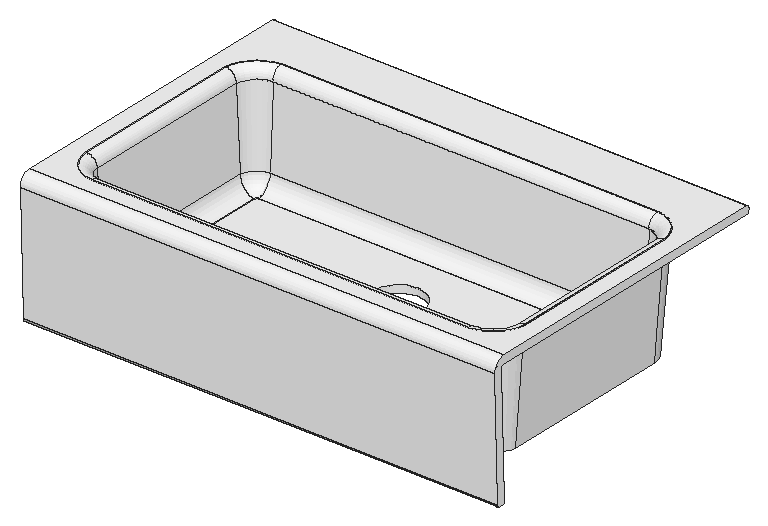
Revit family "Deca_Cuba de Embutir para Cozinha_Cubas de Cozinha_L.1671", category Plumbing Fixtures, host Face, Revit 2019
Family settings
  Host = Face
  Round Connector Dimension = Use Radius
  Part Type = Normal
  Cut with Voids When Loaded = No
  Shared = No
  Room Calculation Point = No
Parameters (values of type "L.1671.17_Branco")
  Vazão na Pressão mín. (L/min) = "-"
  Vazão na Pressão máx. (L/min) = "-"
  URL = "www.deca.com.br"
  Tipo de rosca de saída = "-"
  Tipo de rosca de entrada = "-"
  Tipo de mecanismo utilizado = "-"
  Tipo de dispositivo economizador = "-"
  Segmento = "Cozinha Luxo"
  Saída de Esgoto = "Válvula Curta"
  Raio Ponto de Esgoto = 0.0125 m  # constant formula
  Pressão mín. funcionamento = "-"
  Pressão mín. Aquec. Passagem = "-"
  Pressão mín. Aquec. Acúmulo = "-"
  Pressão máx. funcionamento = "-"
  Peso Líquido (Kg) = 77
  Norma = "NBR-16728-1;NBR-16728-2"
  Model = "L.1671.17"
  Material = Deca_Branco
  Manufacturer = "Deca"
  Linha = "Cubas de Cozinha"
  Itens de Instalação = "1622.C; 1680.C.112; 1682.C.112"
  Informações Complementares = "-"
  Diâmetro Ponto de Esgoto = 2 * Raio Ponto de Esgoto  # 0.025 m
  Description = "Cuba de Embutir  para Cozinha"
  Default Elevation = 0.00 m
  Deslocamento vertical da Cuba [instance] = 0.02 m
  Código Pai = "L.1671"
  Criado por = "quattroD"
  Cores Componente = "Não Possui"
  Cor Secundária = "-"
  Cor Principal = "Branco"
  Cor Interna = "-"
  Consumo = "-"
  Composição Componente = "Não Possui"
  Composição Básica = "Ferro Fundido"
  Composição Assento = "-"
  Composição Anel Vedação = "-"
  Categoria = "Cubas de cozinha"
  Atendimento ao Cliente = "0800-0117073"
  Aprovado por = "quattroD"
  Acompanha o Produto = "-"
Reference planes (m)
  plane 1 "Center (Front/Back)": y = 0
  plane 2: z = 0
  plane 3 "Center (Left/Right)": x = 0
  plane 4: y = -0.289311
  plane 5: z = -0.02
  plane 6: z = 0.013
Forms (m)
  Extrusion 1, void
    sketch origin (0, 0, 0) x (1, 0, 0) y (0, 1, 0)
      loop
        line (-0.388, -0.289311) -> (0.388, -0.289311) -> (0.388, 0.114689)
        arc (0.388, 0.114689) -> (0.373355, 0.150044) -> (0.338, 0.164689) r 0.05
        line (0.338, 0.164689) -> (-0.338, 0.164689)
        arc (-0.338, 0.164689) -> (-0.373355, 0.150044) -> (-0.388, 0.114689) r 0.05
        line (-0.388, 0.114689) -> (-0.388, -0.289311)
    from -0.245 to 0
  Extrusion 2, solid, material "Deca_Branco" <- "Material"
    sketch origin (0, 0, 0) x (0, 1, 0) y (0, 0, 1)
      loop
        line (-0.289311, -0.033) -> (0.25, -0.033) -> (0.25, -0.022999)
        arc (0.25, -0.022999) -> (0.249122, -0.020878) -> (0.247001, -0.02) r 0.002999
        line (0.247001, -0.02) -> (-0.289288, -0.02)
        arc (-0.289288, -0.02) -> (-0.303674, -0.026101) -> (-0.309272, -0.04069) r 0.019987
        line (-0.309272, -0.04069) -> (-0.301895, -0.252104)
        arc (-0.301895, -0.252104) -> (-0.301006, -0.254121) -> (-0.298977, -0.255) r 0.003
        line (-0.298977, -0.255) -> (-0.288786, -0.255) -> (-0.296285, -0.040244)
        arc (-0.296285, -0.040244) -> (-0.29433, -0.035135) -> (-0.289311, -0.033) r 0.006966
    from -0.419 to 0.419
  Blend 3, void
    base sketch origin (0, 0, 0) x (1, 0, 0) y (0, 1, 0)
      loop
        line (-0.371639, 0.142657) -> (-0.371639, -0.242621) -> (0.371639, -0.242621) -> (0.371639, 0.142657) -> (-0.371639, 0.142657)
    top sketch origin (0, 0, 0) x (1, 0, 0) y (0, 1, 0)
      loop
        arc (0.387906, 0.105193) -> (0.369938, 0.141951) -> (0.332799, 0.159116) r 0.061065
        line (0.332799, 0.159116) -> (-0.332257, 0.159116)
        arc (-0.332257, 0.159116) -> (-0.370162, 0.141751) -> (-0.388089, 0.104108) r 0.061065
        line (-0.388089, 0.104108) -> (-0.388089, -0.204091)
        arc (-0.388089, -0.204091) -> (-0.370651, -0.241247) -> (-0.333631, -0.258971) r 0.061065
        line (-0.333631, -0.258971) -> (0.333402, -0.258971)
        arc (0.333402, -0.258971) -> (0.370025, -0.241827) -> (0.387906, -0.205557) r 0.061065
        line (0.387906, -0.205557) -> (0.387906, 0.105193)
    from -0.220724 to -0.02
  Extrusion 4, solid, material "Deca_Branco" <- "Material"
    sketch origin (0, 0, 0) x (1, 0, 0) y (0, 1, 0)
      loop
        line (-0.328978, -0.204967) -> (0.328795, -0.204967)
        arc (0.328795, -0.204967) -> (0.332004, -0.203209) -> (0.333902, -0.200081) r 0.007061
        line (0.333902, -0.200081) -> (0.333902, 0.100225)
        arc (0.333902, 0.100225) -> (0.332004, 0.103353) -> (0.328795, 0.105111) r 0.007061
        line (0.328795, 0.105111) -> (-0.328978, 0.105111)
        arc (-0.328978, 0.105111) -> (-0.332187, 0.103353) -> (-0.334084, 0.100225) r 0.007061
        line (-0.334084, 0.100225) -> (-0.334084, -0.200081)
        arc (-0.334084, -0.200081) -> (-0.332187, -0.203209) -> (-0.328978, -0.204967) r 0.007061
    from -0.220724 to -0.207961
  Extrusion 5, void
    sketch origin (0, 0, 0) x (1, 0, 0) y (0, 1, 0)
      loop
        circle (-0.000137, 0.000019) r 0.045
    from -0.220724 to -0.207961
  Extrusion 6, solid, material "Deca_Branco" <- "Material", not visible
    sketch origin (0, 0, 0.033) x (0, 1, 0) y (0, 0, 1)
      loop
        line (-0.289311, -0.033) -> (0.25, -0.033) -> (0.25, -0.022999)
        arc (0.25, -0.022999) -> (0.249122, -0.020878) -> (0.247001, -0.02) r 0.002999
        line (0.247001, -0.02) -> (-0.289288, -0.02)
        arc (-0.289288, -0.02) -> (-0.303674, -0.026101) -> (-0.309272, -0.04069) r 0.019987
        line (-0.309272, -0.04069) -> (-0.301895, -0.252104)
        arc (-0.301895, -0.252104) -> (-0.301006, -0.254121) -> (-0.298977, -0.255) r 0.003
        line (-0.298977, -0.255) -> (-0.288786, -0.255) -> (-0.296285, -0.040244)
        arc (-0.296285, -0.040244) -> (-0.29433, -0.035135) -> (-0.289311, -0.033) r 0.006966
    from -0.419 to 0.419
  Blend 7, void, not visible
    base sketch origin (0, 0, 0.033) x (1, 0, 0) y (0, 1, 0)
      loop
        line (-0.371639, 0.142657) -> (-0.371639, -0.242621) -> (0.371639, -0.242621) -> (0.371639, 0.142657) -> (-0.371639, 0.142657)
    top sketch origin (0, 0, 0.033) x (1, 0, 0) y (0, 1, 0)
      loop
        arc (0.387906, 0.105193) -> (0.369938, 0.141951) -> (0.332799, 0.159116) r 0.061065
        line (0.332799, 0.159116) -> (-0.332257, 0.159116)
        arc (-0.332257, 0.159116) -> (-0.370162, 0.141751) -> (-0.388089, 0.104108) r 0.061065
        line (-0.388089, 0.104108) -> (-0.388089, -0.204091)
        arc (-0.388089, -0.204091) -> (-0.370651, -0.241247) -> (-0.333631, -0.258971) r 0.061065
        line (-0.333631, -0.258971) -> (0.333402, -0.258971)
        arc (0.333402, -0.258971) -> (0.370025, -0.241827) -> (0.387906, -0.205557) r 0.061065
        line (0.387906, -0.205557) -> (0.387906, 0.105193)
    from -0.220724 to -0.02
  Extrusion 8, solid, material "Deca_Branco" <- "Material", not visible
    sketch origin (0, 0, 0.033) x (1, 0, 0) y (0, 1, 0)
      loop
        line (-0.328978, -0.204967) -> (0.328795, -0.204967)
        arc (0.328795, -0.204967) -> (0.332004, -0.203209) -> (0.333902, -0.200081) r 0.007061
        line (0.333902, -0.200081) -> (0.333902, 0.100225)
        arc (0.333902, 0.100225) -> (0.332004, 0.103353) -> (0.328795, 0.105111) r 0.007061
        line (0.328795, 0.105111) -> (-0.328978, 0.105111)
        arc (-0.328978, 0.105111) -> (-0.332187, 0.103353) -> (-0.334084, 0.100225) r 0.007061
        line (-0.334084, 0.100225) -> (-0.334084, -0.200081)
        arc (-0.334084, -0.200081) -> (-0.332187, -0.203209) -> (-0.328978, -0.204967) r 0.007061
    from -0.220724 to -0.207961
  Extrusion 9, void, not visible
    sketch origin (0, 0, 0.033) x (1, 0, 0) y (0, 1, 0)
      loop
        circle (-0.000137, 0.000019) r 0.045
    from -0.220724 to -0.207961
  Sweep 10, solid, material "Deca_Branco" <- "Material"
    path origin (0, 0, 0) x (1, 0, 0) y (0, 1, 0)
      loop
        line (-0.387023, 0.104057) -> (-0.387023, -0.204039)
        arc (-0.387023, -0.204039) -> (-0.369531, -0.24086) -> (-0.332548, -0.258005) r 0.06
        line (-0.332548, -0.258005) -> (0.332278, -0.258005)
        arc (0.332278, -0.258005) -> (0.369414, -0.240934) -> (0.387, -0.204039) r 0.06
        line (0.387, -0.204039) -> (0.387, 0.103555)
        arc (0.387, 0.103555) -> (0.369857, 0.14053) -> (0.333046, 0.158022) r 0.06
        line (0.333046, 0.158022) -> (-0.332544, 0.158022)
        arc (-0.332544, 0.158022) -> (-0.36953, 0.140878) -> (-0.387023, 0.104057) r 0.06
    profile origin (-0.387023, -0.049991, 0) x (1, 0, 0) y (0, 0, 1)
      loop
        line (0.015284, -0.220724) -> (0.052939, -0.220724) -> (0.052939, -0.207961)
        arc (0.052939, -0.207961) -> (0.034427, -0.198807) -> (0.026282, -0.179829) r 0.029863
        line (0.026282, -0.179829) -> (0.018899, -0.038953)
        arc (0.018899, -0.038953) -> (0.012697, -0.025495) -> (-0.001065, -0.02) r 0.02
        line (-0.001065, -0.02) -> (0.015284, -0.220724)
  Sweep 11, solid, material "Deca_Branco" <- "Material", not visible
    path origin (0, 0, 0.033) x (1, 0, 0) y (0, 1, 0)
      loop
        line (-0.387023, 0.104057) -> (-0.387023, -0.204039)
        arc (-0.387023, -0.204039) -> (-0.369531, -0.24086) -> (-0.332548, -0.258005) r 0.06
        line (-0.332548, -0.258005) -> (0.332278, -0.258005)
        arc (0.332278, -0.258005) -> (0.369414, -0.240934) -> (0.387, -0.204039) r 0.06
        line (0.387, -0.204039) -> (0.387, 0.103555)
        arc (0.387, 0.103555) -> (0.369857, 0.14053) -> (0.333046, 0.158022) r 0.06
        line (0.333046, 0.158022) -> (-0.332544, 0.158022)
        arc (-0.332544, 0.158022) -> (-0.36953, 0.140878) -> (-0.387023, 0.104057) r 0.06
    profile origin (-0.387023, -0.049991, 0.033) x (1, 0, 0) y (0, 0, 1)
      loop
        line (0.015284, -0.220724) -> (0.052939, -0.220724) -> (0.052939, -0.207961)
        arc (0.052939, -0.207961) -> (0.034427, -0.198807) -> (0.026282, -0.179829) r 0.029863
        line (0.026282, -0.179829) -> (0.018899, -0.038953)
        arc (0.018899, -0.038953) -> (0.012697, -0.025495) -> (-0.001065, -0.02) r 0.02
        line (-0.001065, -0.02) -> (0.015284, -0.220724)
Cuts and joins
  Blend 3 cuts Extrusion 2
  Extrusion 5 cuts Extrusion 4
Lines and regions (m)
  Masking region 1
    outline origin (0, 0, 0) x (1, 0, 0) y (0, 1, 0)
      loop
        arc (0.419, 0.247001) -> (0.418128, 0.249128) -> (0.416001, 0.25) r 0.002976
        line (0.416001, 0.25) -> (-0.416001, 0.25)
        arc (-0.416001, 0.25) -> (-0.418101, 0.249101) -> (-0.419, 0.247001) r 0.003074
        line (-0.419, 0.247001) -> (-0.419, -0.296837)
        arc (-0.419, -0.296837) -> (-0.415143, -0.305501) -> (-0.406441, -0.309272) r 0.013063
        line (-0.406441, -0.309272) -> (0.406, -0.309272)
        arc (0.406, -0.309272) -> (0.415033, -0.30562) -> (0.419, -0.296713) r 0.012986
        line (0.419, -0.296713) -> (0.419, 0.247001)
  Masking region 2
    outline origin (0, 0, -0.033) x (0, 1, 0) y (0, 0, 1)
      loop
        line (0.25, 0) -> (0.25, 0.010001)
        arc (0.25, 0.010001) -> (0.249122, 0.012122) -> (0.247001, 0.013) r 0.002999
        line (0.247001, 0.013) -> (-0.289288, 0.013)
        arc (-0.289288, 0.013) -> (-0.303674, 0.006899) -> (-0.309272, -0.007691) r 0.019987
        line (-0.309272, -0.007691) -> (-0.301882, -0.219091)
        arc (-0.301882, -0.219091) -> (-0.300972, -0.221154) -> (-0.298883, -0.222001) r 0.003
        line (-0.298883, -0.222001) -> (-0.288777, -0.222001) -> (-0.296272, -0.007232)
        arc (-0.296272, -0.007232) -> (-0.29433, -0.002135) -> (-0.289311, 0) r 0.006966
        line (-0.289311, 0) -> (0.25, 0)
  Masking region 3, not visible
    outline origin (0, 0, 0) x (0, 1, 0) y (0, 0, 1)
      loop
        line (0.25, 0) -> (0.25, 0.010001)
        arc (0.25, 0.010001) -> (0.249122, 0.012122) -> (0.247001, 0.013) r 0.002999
        line (0.247001, 0.013) -> (-0.289288, 0.013)
        arc (-0.289288, 0.013) -> (-0.303674, 0.006899) -> (-0.309272, -0.007691) r 0.019987
        line (-0.309272, -0.007691) -> (-0.301882, -0.219091)
        arc (-0.301882, -0.219091) -> (-0.300972, -0.221154) -> (-0.298883, -0.222001) r 0.003
        line (-0.298883, -0.222001) -> (-0.288777, -0.222001) -> (-0.296272, -0.007232)
        arc (-0.296272, -0.007232) -> (-0.29433, -0.002135) -> (-0.289311, 0) r 0.006966
        line (-0.289311, 0) -> (0.25, 0)
  Masking region 4
    outline origin (0, 0, 0.017) x (1, 0, 0) y (0, 0, 1)
      loop
        line (-0.419, -0.039997) -> (-0.419, -0.268984)
        arc (-0.419, -0.268984) -> (-0.418123, -0.27111) -> (-0.416001, -0.272) r 0.003016
        line (-0.416001, -0.272) -> (0.416001, -0.272)
        arc (0.416001, -0.272) -> (0.418123, -0.27111) -> (0.419, -0.268984) r 0.003016
        line (0.419, -0.268984) -> (0.419, -0.039997)
        arc (0.419, -0.039997) -> (0.418122, -0.037877) -> (0.416001, -0.036999) r 0.002999
        line (0.416001, -0.036999) -> (-0.416001, -0.036999)
        arc (-0.416001, -0.036999) -> (-0.418122, -0.037877) -> (-0.419, -0.039997) r 0.002999
  Masking region 5, not visible
    outline origin (0, 0, 0.05) x (1, 0, 0) y (0, 0, 1)
      loop
        line (-0.419, -0.039997) -> (-0.419, -0.268984)
        arc (-0.419, -0.268984) -> (-0.418123, -0.27111) -> (-0.416001, -0.272) r 0.003016
        line (-0.416001, -0.272) -> (0.416001, -0.272)
        arc (0.416001, -0.272) -> (0.418123, -0.27111) -> (0.419, -0.268984) r 0.003016
        line (0.419, -0.268984) -> (0.419, -0.039997)
        arc (0.419, -0.039997) -> (0.418122, -0.037877) -> (0.416001, -0.036999) r 0.002999
        line (0.416001, -0.036999) -> (-0.416001, -0.036999)
        arc (-0.416001, -0.036999) -> (-0.418122, -0.037877) -> (-0.419, -0.039997) r 0.002999
  symbolic lines
    curve 1: line (-0.325938, 0.130321, 0) -> (0.325938, 0.130321, 0)
    curve 2: arc (0.325938, 0.130321, 0) -> (0.348959, 0.120209, 0) -> (0.359293, 0.097287, 0) r 0.035066
    curve 3: line (0.359293, 0.097287, 0) -> (0.359293, -0.196878, 0)
    curve 4: arc (0.359293, -0.196878, 0) -> (0.349056, -0.220061, 0) -> (0.325867, -0.230286, 0) r 0.035054
    curve 5: line (0.325867, -0.230286, 0) -> (-0.325867, -0.230286, 0)
    curve 6: arc (-0.325867, -0.230286, 0) -> (-0.349056, -0.220061, 0) -> (-0.359293, -0.196878, 0) r 0.035054
    curve 7: line (-0.359293, -0.196878, 0) -> (-0.359293, 0.097287, 0)
    curve 8: arc (-0.359293, 0.097287, 0) -> (-0.348959, 0.120209, 0) -> (-0.325938, 0.130321, 0) r 0.035066
    curve 9: line (0.333046, 0.140005, 0) -> (-0.333046, 0.140005, 0)
    curve 10: arc (-0.333046, 0.140005, 0) -> (-0.35876, 0.129771, 0) -> (-0.368994, 0.104057, 0) r 0.034987
    curve 11: line (-0.368994, 0.104057, 0) -> (-0.368994, -0.204039, 0)
    curve 12: arc (-0.368994, -0.204039, 0) -> (-0.358758, -0.229751, 0) -> (-0.333046, -0.239987, 0) r 0.034993
    curve 13: line (-0.333046, -0.239987, 0) -> (0.333046, -0.239987, 0)
    curve 14: arc (0.333046, -0.239987, 0) -> (0.358758, -0.229751, 0) -> (0.368994, -0.204039, 0) r 0.034993
    curve 15: line (0.368994, -0.204039, 0) -> (0.368994, 0.104057, 0)
    curve 16: arc (0.368994, 0.104057, 0) -> (0.35876, 0.129771, 0) -> (0.333046, 0.140005, 0) r 0.034987
    curve 17: circle (-0.000137, 0.000019, 0) r 0.059994 normal (0, 0, 1)
    curve 18: circle (-0.000137, 0.000019, 0) r 0.045 normal (0, 0, 1)
    curve 86: line (-0.387023, 0.104057, 0) -> (-0.387023, -0.204039, 0)
    curve 87: arc (-0.387023, -0.204039, 0) -> (-0.371327, -0.242672, 0) -> (-0.332548, -0.258005, 0) r 0.053018
    curve 88: line (-0.332548, -0.258005, 0) -> (0.333046, -0.258005, 0)
    curve 89: arc (-0.332544, 0.158022, 0) -> (-0.371328, 0.142693, 0) -> (-0.387023, 0.104057, 0) r 0.053011
    curve 90: line (0.333046, 0.158022, 0) -> (-0.332544, 0.158022, 0)
    curve 91: arc (0.387, 0.103555, 0) -> (0.371675, 0.14233, 0) -> (0.333046, 0.158022, 0) r 0.052999
    curve 92: line (0.387, -0.204039, 0) -> (0.387, 0.103555, 0)
    curve 93: arc (0.332548, -0.257982, 0) -> (0.371311, -0.242656, 0) -> (0.387, -0.204039, 0) r 0.052995
  symbolic lines, style "PlumbingFixturesHiddenLines"
    curve 19: circle (-0.000007, 0.198005, 0) r 0.017502 normal (0, 0, 1)
    curve 20: line (0, -0.280433, -0.064168) -> (0, -0.275582, -0.203108)
    curve 21: line (0, -0.210319, -0.058999) -> (0, -0.275441, -0.058999)
    curve 22: arc (0, -0.275441, -0.058999) -> (0, -0.279034, -0.060524) -> (0, -0.280433, -0.064168) r 0.004995
    curve 23: arc (0, -0.275582, -0.203108) -> (0, -0.278519, -0.214152) -> (0, -0.2871, -0.221699) r 0.019667
    curve 24: arc (0, -0.2871, -0.221699) -> (0, -0.289048, -0.223372) -> (0, -0.289795, -0.225829) r 0.004597
    curve 25: arc (0, -0.169415, -0.039456) -> (0, -0.187652, -0.053862) -> (0, -0.210319, -0.058999) r 0.052577
    curve 26: line (0, -0.250976, -0.058999) -> (0, -0.24475, -0.177532)
    curve 27: arc (0, -0.24475, -0.177532) -> (0, -0.23323, -0.205852) -> (0, -0.20665, -0.220958) r 0.046653
    curve 28: line (0, -0.133943, -0.229443) -> (0, -0.20665, -0.220958)
    curve 29: line (0, -0.133925, -0.229443) -> (0, -0.080692, -0.235669)
    curve 30: line (0, -0.080692, -0.235669) -> (0, -0.066563, -0.23731)
    curve 31: arc (0, -0.066563, -0.23731) -> (0, -0.061582, -0.239354) -> (0, -0.058396, -0.243695) r 0.009949
    curve 32: arc (0, -0.058396, -0.243695) -> (0, -0.057664, -0.244638) -> (0, -0.056526, -0.245) r 0.002013
    curve 33: line (0, -0.197143, -0.217995) -> (0, 0.109948, -0.217642)
    curve 34: line (0, 0.056891, -0.238403) -> (0, -0.060495, -0.238015)
    curve 35: line (0, 0.151029, -0.057838) -> (0, 0.144405, -0.184246)
    curve 36: line (0, 0.113158, -0.223463) -> (0, 0.084231, -0.231648)
    curve 37: arc (0, 0.144405, -0.184246) -> (0, 0.135067, -0.208862) -> (0, 0.113158, -0.223463) r 0.043126
    curve 38: line (0, 0.084231, -0.231648) -> (0, 0.065146, -0.237045)
    curve 39: arc (0, 0.065146, -0.237045) -> (0, 0.060919, -0.239472) -> (0, 0.058337, -0.243607) r 0.010021
    curve 40: arc (0, 0.058337, -0.243607) -> (0, 0.05761, -0.244612) -> (0, 0.056432, -0.245) r 0.002012
    curve 41: line (0, 0.207702, -0.040002) -> (0, -0.167686, -0.040002)
    curve 42: arc (0, 0.210595, -0.037762) -> (0, 0.209532, -0.039377) -> (0, 0.207702, -0.040002) r 0.002988
    curve 43: line (0, 0.211089, -0.035963) -> (0, 0.210595, -0.037762)
    curve 44: arc (0, 0.21467, -0.033) -> (0, 0.212412, -0.033916) -> (0, 0.211089, -0.035963) r 0.004048
    curve 45: line (0, 0.224635, -0.033141) -> (0, 0.209806, -0.039136)
    curve 46: line (0, 0.151946, -0.062509) -> (0, 0.207685, -0.040002)
    curve 47: arc (0, 0.150692, -0.06426) -> (0, 0.151065, -0.063202) -> (0, 0.151946, -0.062509) r 0.002009
    curve 48: line (0, 0.144414, -0.060657) -> (0, 0.192868, -0.040002)
    curve 49: line (0, 0.142351, -0.060587) -> (0, 0.190593, -0.040002)
    curve 50: line (0, 0.141345, -0.040002) -> (0, 0.140128, -0.057798)
    curve 51: arc (0, 0.140128, -0.057798) -> (0, 0.140755, -0.059979) -> (0, 0.142634, -0.061251) r 0.003326
    curve 52: line (0, 0.056432, -0.245) -> (0, -0.056526, -0.245)
  symbolic lines, style "PlumbingFixturesHiddenLines", not visible
    curve 53: line (0, -0.280433, -0.031169) -> (0, -0.275582, -0.170108)
    curve 54: line (0, -0.210319, -0.026) -> (0, -0.275441, -0.026)
    curve 55: arc (0, -0.275441, -0.026) -> (0, -0.279034, -0.027525) -> (0, -0.280433, -0.031169) r 0.004995
    curve 56: arc (0, -0.275582, -0.170108) -> (0, -0.278519, -0.181152) -> (0, -0.2871, -0.188699) r 0.019667
    curve 57: arc (0, -0.2871, -0.188699) -> (0, -0.289048, -0.190372) -> (0, -0.289795, -0.192829) r 0.004597
    curve 58: arc (0, -0.169415, -0.006456) -> (0, -0.187652, -0.020863) -> (0, -0.210319, -0.026) r 0.052577
    curve 59: line (0, -0.250976, -0.026) -> (0, -0.24475, -0.144532)
    curve 60: arc (0, -0.24475, -0.144532) -> (0, -0.23323, -0.172852) -> (0, -0.20665, -0.187959) r 0.046653
    curve 61: line (0, -0.133943, -0.196443) -> (0, -0.20665, -0.187959)
    curve 62: line (0, -0.133925, -0.196443) -> (0, -0.080692, -0.202669)
    curve 63: line (0, -0.080692, -0.202669) -> (0, -0.066563, -0.20431)
    curve 64: arc (0, -0.066563, -0.20431) -> (0, -0.061582, -0.206355) -> (0, -0.058396, -0.210695) r 0.009949
    curve 65: arc (0, -0.058396, -0.210695) -> (0, -0.057664, -0.211638) -> (0, -0.056526, -0.212) r 0.002013
    curve 66: line (0, -0.197143, -0.184995) -> (0, 0.109948, -0.184643)
    curve 67: line (0, 0.056891, -0.205403) -> (0, -0.060495, -0.205015)
    curve 68: line (0, 0.151029, -0.024838) -> (0, 0.144405, -0.151246)
    curve 69: line (0, 0.113158, -0.190463) -> (0, 0.084231, -0.198648)
    curve 70: arc (0, 0.144405, -0.151246) -> (0, 0.135067, -0.175863) -> (0, 0.113158, -0.190463) r 0.043126
    curve 71: line (0, 0.084231, -0.198648) -> (0, 0.065146, -0.204045)
    curve 72: arc (0, 0.065146, -0.204045) -> (0, 0.060919, -0.206472) -> (0, 0.058337, -0.210607) r 0.010021
    curve 73: arc (0, 0.058337, -0.210607) -> (0, 0.05761, -0.211612) -> (0, 0.056432, -0.212) r 0.002012
    curve 74: line (0, 0.207702, -0.007003) -> (0, -0.167686, -0.007003)
    curve 75: arc (0, 0.210595, -0.004762) -> (0, 0.209532, -0.006377) -> (0, 0.207702, -0.007003) r 0.002988
    curve 76: line (0, 0.211089, -0.002963) -> (0, 0.210595, -0.004762)
    curve 77: arc (0, 0.21467, 0) -> (0, 0.212412, -0.000916) -> (0, 0.211089, -0.002963) r 0.004048
    curve 78: line (0, 0.224635, -0.000141) -> (0, 0.209806, -0.006136)
    curve 79: line (0, 0.151946, -0.02951) -> (0, 0.207685, -0.007003)
    curve 80: arc (0, 0.150692, -0.03126) -> (0, 0.151065, -0.030203) -> (0, 0.151946, -0.02951) r 0.002009
    curve 81: line (0, 0.144414, -0.027658) -> (0, 0.192868, -0.007003)
    curve 82: line (0, 0.142351, -0.027587) -> (0, 0.190593, -0.007003)
    curve 83: line (0, 0.141345, -0.007003) -> (0, 0.140128, -0.024799)
    curve 84: arc (0, 0.140128, -0.024799) -> (0, 0.140755, -0.026979) -> (0, 0.142634, -0.028251) r 0.003326
    curve 85: line (0, 0.056432, -0.212) -> (0, -0.056526, -0.212)
Dimensions and locks (m)
  "Deslocamento vertical da Cuba": plane 2 to plane 5
  aligned and locked: plane 2 to host face
  aligned and locked: level to host face
Automatic sketch dimensions
  host sketch curve to host sketch curve = 2.4384 m
  host sketch curve to host sketch curve = 0.589311 m
  Masking region 1 sketch curve to plane 4 = 0.007525 m
  Masking region 1 sketch curve to plane 3 "Center (Left/Right)" = 0.419 m
  Masking region 1 sketch curve to Masking region 1 sketch curve = 0.002999 m  (x2)
  Masking region 1 sketch curve to Masking region 1 sketch curve = 0.000074 m  (x2)
  Masking region 1 sketch curve to Masking region 1 sketch curve = 0.012559 m
  Masking region 1 sketch curve to Masking region 1 sketch curve = 0.013048 m
  Masking region 1 sketch curve to plane 4 = 0.019961 m
  plane 3 "Center (Left/Right)" to Masking region 1 sketch curve = 0.406 m
  Masking region 1 sketch curve to Masking region 1 sketch curve = 0.000004 m
  plane 3 "Center (Left/Right)" to Masking region 1 sketch curve = 0.416001 m
  Masking region 1 sketch curve to Masking region 1 sketch curve = 0.000022 m
  Masking region 1 sketch curve to Masking region 1 sketch curve = 0.002976 m
  Masking region 1 sketch curve to plane 4 = 0.006975 m
  Masking region 1 sketch curve to plane 1 "Center (Front/Back)" = 0.246927 m
  Masking region 1 sketch curve to Masking region 1 sketch curve = 0.000018 m
  Masking region 1 sketch curve to Masking region 1 sketch curve = 0.00 m
  Extrusion 1 sketch curve to plane 4 = 0.00 m
  Extrusion 1 sketch curve to plane 3 "Center (Left/Right)" = 0.388 m
  Extrusion 1 sketch curve to plane 1 "Center (Front/Back)" = 0.114689 m  (x2)
  Extrusion 1 sketch curve to Extrusion 1 sketch curve = 0.05 m
  plane 3 "Center (Left/Right)" to Extrusion 1 sketch curve = 0.338 m
  Extrusion 2 sketch curve to plane 5 = 0.013 m
  Extrusion 2 sketch curve to plane 5 = 0.002999 m
  Extrusion 2 sketch curve to plane 5 = 0.00 m
  Extrusion 2 sketch curve to Extrusion 2 sketch curve = 0.006987 m
  Extrusion 2 sketch curve to Extrusion 2 sketch curve = 0.000021 m
  Extrusion 2 sketch curve to Extrusion 2 sketch curve = 0.214768 m
  Extrusion 2 sketch curve to Extrusion 2 sketch curve = 0.000005 m
  Extrusion 2 sketch curve to Extrusion 2 sketch curve = 0.002918 m
  Extrusion 2 sketch curve to Extrusion 2 sketch curve = 0.000013 m  (x2)
  Extrusion 2 sketch curve to Extrusion 2 sketch curve = 0.000007 m
  Extrusion 2 sketch curve to Extrusion 2 sketch curve = 0.002895 m
  Extrusion 2 sketch curve to Extrusion 2 sketch curve = 0.000012 m
  Extrusion 2 sketch curve to Extrusion 2 sketch curve = 0.000094 m
  Extrusion 2 sketch curve to Extrusion 2 sketch curve = 0.002998 m
  Extrusion 2 sketch curve to plane 5 = 0.235 m
  Extrusion 2 sketch curve to Extrusion 2 sketch curve = 0.009572 m
  Extrusion 2 sketch curve to Extrusion 2 sketch curve = 0.000014 m
  Extrusion 2 sketch curve to Extrusion 2 sketch curve = 0.000024 m
  Extrusion 2 sketch curve to Extrusion 2 sketch curve = 0.010191 m
  Extrusion 2 sketch curve to Extrusion 2 sketch curve = 0.536289 m
  Extrusion 2 sketch curve to Extrusion 2 sketch curve = 0.012987 m
  Blend 3 sketch curve to Blend 3 sketch curve = 0.743277 m
  Blend 3 sketch curve to Blend 3 sketch curve = 0.385278 m
  Blend 3 sketch curve to Blend 3 sketch curve = 0.665056 m
  Blend 3 sketch curve to Blend 3 sketch curve = 0.308199 m
  curve 10 to curve 89 = 0.00 m  (x2)
  curve 12 to curve 87 = 0.00 m  (x3)
  curve 14 to curve 93 = 0.00 m  (x3)
  curve 16 to curve 91 = 0.00 m  (x2)
  curve 17 to curve 18 = 0.00 m  (x2)
  plane 4 to curve 86 = 0.085272 m
  curve 86 to plane 3 "Center (Left/Right)" = 0.387023 m
  curve 86 to curve 11 = 0.018029 m
  curve 11 to curve 7 = 0.009701 m
  curve 8 to curve 10 = 0.025272 m
  curve 7 to curve 87 = 0.025279 m
  curve 89 to curve 9 = 0.000975 m
  curve 12 to curve 13 = 0.000968 m
  curve 13 to curve 88 = 0.000498 m
  curve 9 to curve 90 = 0.000502 m
  curve 9 to curve 1 = 0.007108 m
  curve 12 to curve 5 = 0.007179 m
  curve 10 to curve 8 = 0.009738 m
  curve 12 to curve 6 = 0.009738 m
  curve 18 to plane 1 "Center (Front/Back)" = 0.000019 m
  curve 18 to plane 3 "Center (Left/Right)" = 0.000137 m
  curve 19 to plane 3 "Center (Left/Right)" = 0.000007 m
  plane 3 "Center (Left/Right)" to curve 4 = 0.324276 m
  curve 2 to plane 1 "Center (Front/Back)" = 0.095294 m
  curve 4 to curve 2 = 0.000008 m
  curve 4 to curve 5 = 0.001592 m
  curve 2 to curve 1 = 0.001655 m
  curve 1 to curve 90 = 0.007108 m
  curve 5 to curve 13 = 0.007179 m
  curve 2 to curve 9 = 0.007108 m
  curve 4 to curve 14 = 0.009738 m
  curve 2 to curve 91 = 0.009738 m
  curve 16 to curve 3 = 0.025272 m
  curve 4 to curve 15 = 0.009701 m
  curve 15 to curve 4 = 0.008772 m
  curve 14 to curve 4 = 0.009739 m
  curve 12 to curve 87 = 0.03498 m
  curve 12 to curve 5 = 0.009701 m
  curve 11 to curve 7 = 0.007161 m
  curve 8 to plane 1 "Center (Front/Back)" = 0.095294 m
  curve 2 to curve 3 = 0.001993 m
  curve 3 to curve 92 = 0.006268 m
  curve 3 to curve 15 = 0.00677 m
  curve 7 to curve 11 = 0.00677 m
  curve 86 to curve 10 = 0.00 m
  curve 17 to curve 19 = 0.197986 m
  curve 93 to curve 14 = 0.000498 m
  curve 14 to curve 93 = 0.018006 m
  curve 93 to curve 14 = 0.017994 m
  plane 4 to curve 15 = 0.085272 m
  curve 93 to curve 88 = 0.000498 m
  Sweep 10 sketch curve to Sweep 10 sketch curve = 0.059718 m
  Sweep 10 sketch curve to Sweep 10 sketch curve = 0.005805 m  (x2)
  Sweep 10 sketch curve to Sweep 10 sketch curve = 0.005239 m
  Sweep 10 sketch curve to Sweep 10 sketch curve = 0.059719 m
  Sweep 10 sketch curve to Sweep 10 sketch curve = 0.004994 m
  Sweep 10 sketch curve to Sweep 10 sketch curve = 0.059716 m
  Sweep 10 sketch curve to Sweep 10 sketch curve = 0.005826 m
  Sweep 10 sketch curve to Sweep 10 sketch curve = 0.054467 m
  Sweep 10 sketch curve to Sweep 10 sketch curve = 0.05977 m
  Sweep 10 sketch curve to Sweep 10 sketch curve = 0.000008 m
  Sweep 10 sketch curve to Sweep 10 sketch curve = 0.019973 m
  Sweep 10 sketch curve to Sweep 10 sketch curve = 0.010998 m
  Sweep 10 sketch curve to Sweep 10 sketch curve = 0.037654 m
  Sweep 10 sketch curve to Sweep 10 sketch curve = 0.029822 m
  Sweep 10 sketch curve to Sweep 10 sketch curve = 0.028132 m
  Sweep 10 sketch curve to Sweep 10 sketch curve = 0.012763 m
  profile plane to Sweep 10 sketch curve = 0.001073 m
  Sweep 10 sketch curve to Sweep 10 sketch curve = 0.016358 m
  Sweep 10 sketch curve to Sweep 10 sketch curve = 0.139313 m
  Sweep 10 sketch curve to Sweep 10 sketch curve = 0.005243 m
  Sweep 10 sketch curve to Sweep 10 sketch curve = 0.654535 m
  Sweep 10 sketch curve to Sweep 10 sketch curve = 0.005816 m
  Sweep 10 sketch curve to Sweep 10 sketch curve = 0.296486 m
  Sweep 10 sketch curve to profile plane = 0.220724 m
  Sweep 10 sketch curve to Sweep 10 sketch curve = 0.001047 m
  Blend 3 sketch curve to Blend 3 sketch curve = 0.005856 m
  Blend 3 sketch curve to Blend 3 sketch curve = 0.054458 m
  Blend 3 sketch curve to Blend 3 sketch curve = 0.055007 m
  Blend 3 sketch curve to Blend 3 sketch curve = 0.053414 m
  Blend 3 sketch curve to Blend 3 sketch curve = 0.007344 m
  Blend 3 sketch curve to Blend 3 sketch curve = 0.055107 m
  Blend 3 sketch curve to Blend 3 sketch curve = 0.006118 m
  Blend 3 sketch curve to Blend 3 sketch curve = 0.006326 m
  Blend 3 sketch curve to Blend 3 sketch curve = 0.004952 m
  Blend 3 sketch curve to Blend 3 sketch curve = 0.005857 m
  Blend 3 sketch curve to Blend 3 sketch curve = 0.005569 m
  Blend 3 sketch curve to Blend 3 sketch curve = 0.060811 m
  Blend 7 sketch curve to Blend 7 sketch curve = 0.005856 m
  Blend 7 sketch curve to Blend 7 sketch curve = 0.054458 m
  Blend 7 sketch curve to Blend 7 sketch curve = 0.055007 m
  Blend 7 sketch curve to Blend 7 sketch curve = 0.053414 m
  Blend 7 sketch curve to Blend 7 sketch curve = 0.007344 m
  Blend 7 sketch curve to Blend 7 sketch curve = 0.055107 m
  Blend 7 sketch curve to Blend 7 sketch curve = 0.006118 m
  Blend 7 sketch curve to Blend 7 sketch curve = 0.006326 m
  Blend 7 sketch curve to Blend 7 sketch curve = 0.004952 m
  Blend 7 sketch curve to Blend 7 sketch curve = 0.005857 m
  Blend 7 sketch curve to Blend 7 sketch curve = 0.005569 m
  Blend 7 sketch curve to Blend 7 sketch curve = 0.060811 m
  Extrusion 4 sketch curve to Extrusion 4 sketch curve = 0.00678 m
  Extrusion 4 sketch curve to Extrusion 4 sketch curve = 0.654427 m
  Extrusion 4 sketch curve to Extrusion 4 sketch curve = 0.00 m
  Extrusion 4 sketch curve to Extrusion 4 sketch curve = 0.001673 m  (x2)
  Extrusion 4 sketch curve to Extrusion 4 sketch curve = 0.296358 m
  Extrusion 4 sketch curve to Extrusion 4 sketch curve = 0.005106 m  (x3)
  Extrusion 4 sketch curve to Extrusion 4 sketch curve = 0.004886 m  (x3)
  Extrusion 4 sketch curve to Extrusion 4 sketch curve = 0.001974 m  (x2)
  Extrusion 8 sketch curve to Extrusion 8 sketch curve = 0.00678 m
  Extrusion 8 sketch curve to Extrusion 8 sketch curve = 0.654427 m
  Extrusion 8 sketch curve to Extrusion 8 sketch curve = 0.00 m
  Extrusion 8 sketch curve to Extrusion 8 sketch curve = 0.001673 m  (x2)
  Extrusion 8 sketch curve to Extrusion 8 sketch curve = 0.296358 m
  Extrusion 8 sketch curve to Extrusion 8 sketch curve = 0.005106 m  (x3)
  Extrusion 8 sketch curve to Extrusion 8 sketch curve = 0.004886 m  (x3)
  Extrusion 8 sketch curve to Extrusion 8 sketch curve = 0.001974 m  (x2)
  Extrusion 6 sketch curve to plane 6 = 0.013 m
  Extrusion 6 sketch curve to plane 6 = 0.002999 m
  Extrusion 6 sketch curve to plane 6 = 0.00 m
  Extrusion 6 sketch curve to Extrusion 6 sketch curve = 0.006987 m
  Extrusion 6 sketch curve to Extrusion 6 sketch curve = 0.000021 m
  Extrusion 6 sketch curve to Extrusion 6 sketch curve = 0.214768 m
  Extrusion 6 sketch curve to Extrusion 6 sketch curve = 0.000005 m
  Extrusion 6 sketch curve to Extrusion 6 sketch curve = 0.002918 m
  Extrusion 6 sketch curve to Extrusion 6 sketch curve = 0.000013 m  (x2)
  Extrusion 6 sketch curve to Extrusion 6 sketch curve = 0.000007 m
  Extrusion 6 sketch curve to Extrusion 6 sketch curve = 0.002895 m
  Extrusion 6 sketch curve to Extrusion 6 sketch curve = 0.000012 m
  Extrusion 6 sketch curve to Extrusion 6 sketch curve = 0.000094 m
  Extrusion 6 sketch curve to Extrusion 6 sketch curve = 0.002998 m
  Extrusion 6 sketch curve to plane 6 = 0.235 m
  Extrusion 6 sketch curve to Extrusion 6 sketch curve = 0.009572 m
  Extrusion 6 sketch curve to Extrusion 6 sketch curve = 0.000014 m
  Extrusion 6 sketch curve to Extrusion 6 sketch curve = 0.000024 m
  Extrusion 6 sketch curve to Extrusion 6 sketch curve = 0.010191 m
  Extrusion 6 sketch curve to Extrusion 6 sketch curve = 0.536289 m
  Extrusion 6 sketch curve to Extrusion 6 sketch curve = 0.012987 m
  Blend 7 sketch curve to Blend 7 sketch curve = 0.743277 m
  Blend 7 sketch curve to Blend 7 sketch curve = 0.385278 m
  Blend 7 sketch curve to Blend 7 sketch curve = 0.665056 m
  Blend 7 sketch curve to Blend 7 sketch curve = 0.308199 m
  Sweep 11 sketch curve to Sweep 11 sketch curve = 0.059718 m
  Sweep 11 sketch curve to Sweep 11 sketch curve = 0.005805 m  (x2)
  Sweep 11 sketch curve to Sweep 11 sketch curve = 0.005239 m
  Sweep 11 sketch curve to Sweep 11 sketch curve = 0.059719 m
  Sweep 11 sketch curve to Sweep 11 sketch curve = 0.004994 m
  Sweep 11 sketch curve to Sweep 11 sketch curve = 0.059716 m
  Sweep 11 sketch curve to Sweep 11 sketch curve = 0.005826 m
  Sweep 11 sketch curve to Sweep 11 sketch curve = 0.054467 m
  Sweep 11 sketch curve to Sweep 11 sketch curve = 0.05977 m
  Sweep 11 sketch curve to Sweep 11 sketch curve = 0.000008 m
  Sweep 11 sketch curve to Sweep 11 sketch curve = 0.019973 m
  Sweep 11 sketch curve to Sweep 11 sketch curve = 0.010998 m
  Sweep 11 sketch curve to Sweep 11 sketch curve = 0.037654 m
  Sweep 11 sketch curve to Sweep 11 sketch curve = 0.029822 m
  Sweep 11 sketch curve to Sweep 11 sketch curve = 0.028132 m
  Sweep 11 sketch curve to Sweep 11 sketch curve = 0.012763 m
  profile plane to Sweep 11 sketch curve = 0.001073 m
  Sweep 11 sketch curve to Sweep 11 sketch curve = 0.016358 m
  Sweep 11 sketch curve to Sweep 11 sketch curve = 0.139313 m
  Sweep 11 sketch curve to Sweep 11 sketch curve = 0.005243 m
  Sweep 11 sketch curve to Sweep 11 sketch curve = 0.654535 m
  Sweep 11 sketch curve to Sweep 11 sketch curve = 0.005816 m
  Sweep 11 sketch curve to Sweep 11 sketch curve = 0.296486 m
  Sweep 11 sketch curve to profile plane = 0.220724 m
  Sweep 11 sketch curve to Sweep 11 sketch curve = 0.001047 m
  radius of Extrusion 5 sketch curve = 0.045 m
  radius of curve 17 = 0.059994 m
  radius of curve 18 = 0.045 m
  radius of curve 19 = 0.017502 m
  radius of Extrusion 9 sketch curve = 0.045 m
Connectors (m)
  piping at (0, 0, -0.220724), diameter 0.025, driven by "Raio Ponto de Esgoto"
    settings: on Extrusion 4, index 1, connector inside diameter 609.6 mm, connector length 0.00 m, flow factor 0, pipe flow 0.0 L/s, pressure drop 0.0 Pa, fitting loss kfactor 0, connector angle 0.00°, fixture units 0, engagement length 0.00 m, angle of deflection 0.00°, flow configuration 3, flow direction 2, fitting loss method 4, system type 16, joint type 0, gender type 0, connector reference index -1, connector utility 0, adjustable connector no, is connector primary yes, connector description ""
